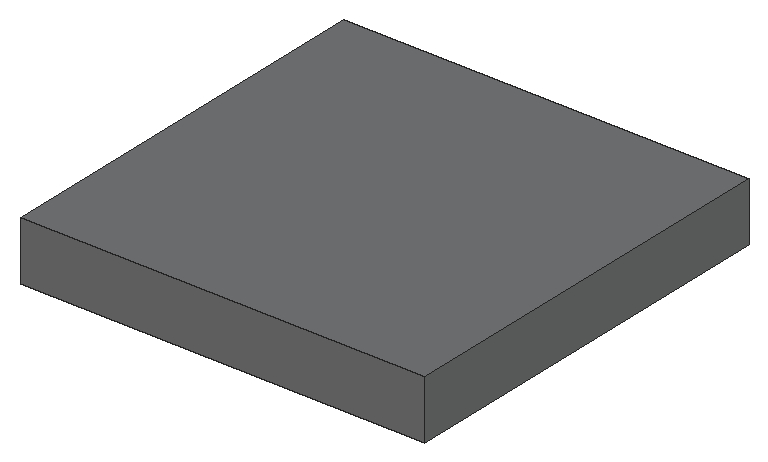
Revit family "Gira_087627", category Electrical Fixtures, host Face, Revit 2017
Family settings
  Host = Face
  Maintain Annotation Orientation = No
  Round Connector Dimension = Use Diameter
  Part Type = Normal
  Cut with Voids When Loaded = No
  Shared = No
  Room Calculation Point = No
Parameters (values of type "Abd. BSF TAE USB System 55 Reinweiß m")
  Zusammenstellung = "Zentralplatte"
  Werkstoffgüte = "sonstige"
  Werkstoff = "Kunststoff"
  Verwendung = "TAE"
  URL = "http://katalog.gira.de/de_DE/datenblatt.html?artikelnr=087627"
  Transparent = "No"
  Tragring = "No"
  Region = "DE"
  RAL-Nummer (ähnlich) = "9010 "
  Oberfläche = "sonstige"
  Name = "Abd. BSF TAE USB System 55 F Alu"
  Montageart = "unter Putz"
  Mit Zugentlastung = "No"
  Mit Staubschutz = "No"
  Mit Klappdeckel = "No"
  Mit Aufdruck = "No"
  Manufacturer URL = "https://www.gira.de/"
  Lüsterklemme = "No"
  Keynote = "Sys55_Abdeckung_Schalten und Tasten"
  HeinzeBIM = "https://bimportal.heinze.de/bim/abd-bsf-tae-usb-system-55-f-alu/6147ddd8c4e9eee06b49a15e3950169a36f4b97a"
  Halogenfrei = "Yes"
  HAN = "087626"
  Geeignet für Schutzart (IP) = "IP20"
  GTIN = "4010337876267"
  Farbe = "aluminium"
  Default Elevation = 1219.2 mm
  Data sheet (1) = "https://katalog.gira.de/de_DE/download.html?artikelnr=087626"
  Category = "Einsatz/Abdeckung für Kommunikationstechnik"
  Beschriftungsfeld = "mit Beschriftungsfeld"
  Befestigungsart = "Befestigung mit Schraube"
  Available = "Yes"
  Ausführung der Oberfläche = "nicht zutreffend"
  Anthrazit [instance] = Anthrazit
Reference planes
  plane 1 "Center (Front/Back)": y = 0
  plane 2: z = 0
  plane 3 "Center (Left/Right)": x = 0
Forms (mm)
  Extrusion 1, solid, material "Anthrazit" <- "Anthrazit", detail levels fine
    sketch origin (0, 0, 0) x (1, 0, 0) y (0, 1, 0)
      loop
        line (-27.5, 27.5) -> (-27.5, -27.5) -> (27.5, -27.5) -> (27.5, 27.5) -> (-27.5, 27.5)
    from 0 to 8
  Extrusion 2, void
    sketch origin (0, 0, 0) x (1, 0, 0) y (0, 1, 0)
      loop
        line (26, 26) -> (-26, 26) -> (-26, -26) -> (26, -26) -> (26, 26)
    from 0 to 6
  Extrusion 3, solid, material "Anthrazit" <- "Anthrazit", detail levels medium
    sketch origin (0, 0, 0) x (1, 0, 0) y (0, 1, 0)
      loop
        line (-27.5, 27.5) -> (-27.5, -27.5) -> (27.5, -27.5) -> (27.5, 27.5) -> (-27.5, 27.5)
    from 0 to 8
  Extrusion 4, solid, material "Anthrazit" <- "Anthrazit", detail levels medium
    sketch origin (0, 0, 0) x (1, 0, 0) y (0, 1, 0)
      loop
        line (11, -17.5) -> (11, 17.5) -> (-11, 17.5) -> (-11, -17.5) -> (11, -17.5)
    from -6 to 6
  Extrusion 5, solid, material "Anthrazit" <- "Anthrazit", detail levels fine
    sketch origin (0, 0, 0) x (1, 0, 0) y (0, 1, 0)
      loop
        line (11, 17.5) -> (-11, 17.5) -> (-11, 16.5) -> (11, 16.5) -> (11, 17.5)
      loop
        line (-11, -16.5) -> (-11, -17.5) -> (11, -17.5) -> (11, -16.5) -> (-11, -16.5)
    from -4 to 6
  Extrusion 6, solid, material "Anthrazit" <- "Anthrazit", detail levels fine
    sketch origin (0, 0, 0) x (1, 0, 0) y (0, 1, 0)
      loop
        arc (5, 9.347) -> (0, 10.6) -> (-5, 9.347) r 10.6
        line (-5, 9.347) -> (-5, -9.347)
        arc (-5, -9.347) -> (0, -10.6) -> (5, -9.347) r 10.6
        line (5, -9.347) -> (5, 9.347)
    from -6 to 6
  Extrusion 7, solid, material "Anthrazit" <- "Anthrazit", detail levels coarse
    sketch origin (0, 0, 0) x (1, 0, 0) y (0, 1, 0)
      loop
        line (-27.5, 27.5) -> (-27.5, -27.5) -> (27.5, -27.5) -> (27.5, 27.5) -> (-27.5, 27.5)
    from -6 to 8
Cuts and joins
  Extrusion 2 cuts Extrusion 1
Dimensions and locks
  aligned and locked: plane 2 to host face
  aligned and locked: level to host face
